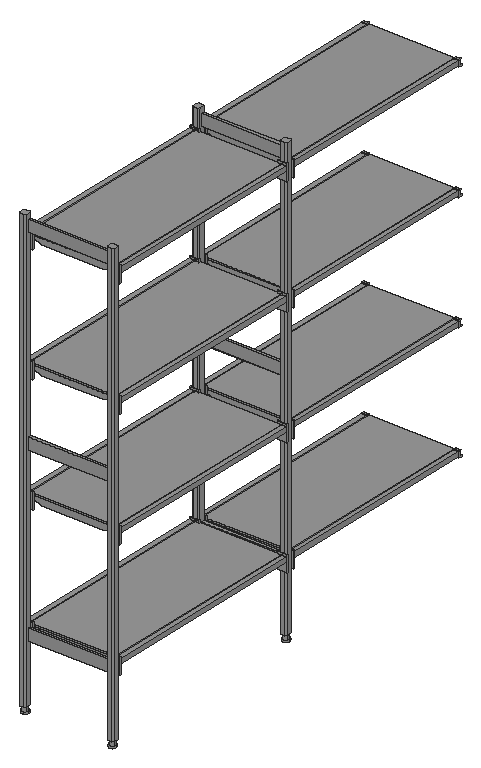
Revit family "QF_ELECTROLUXPROFESSIONAL_137060_ACS1664", category Attrezzature speciali, Revit 2020
Family settings
  Quota connettore circolare = Usa diametro
  Tipo di parte = Normale
  Basato su piano di lavoro = No
  Sempre verticale = Sì
  Taglio con vuoti quando caricato = No
  Condiviso = No
  Punto di calcolo locali = No
Parameters (values of type "Standard")
  Weight = 28.00 kg
  Watts = 0 W
  Volts = 0 V
  URL Manufacturer = "https://www.electroluxprofessional.com/"
  URL = "https://www.electroluxprofessional.com/"
  Steam Supply Size = 0 mm
  Steam Supply Minimum Pressure = 0.0 Pa
  Steam Supply Maximum Pressure = 0.0 Pa
  Steam Consumption per Hour = 0
  Refrigeration Suction Line Size = 0.0 mm
  Refrigeration Liquid Line Size = 0.0 mm
  Refrigerant Compressor Remote = yes
  Prospetto di default = 0.0 mm
  Phase = 0
  Modello = "ACS1664"
  Produttore = "Electrolux Professional"
  Length Actual = 1668.0 mm  # constant formula
  Item Number = "137060"
  Hot Water Size = 0 mm
  Height Actual = 1700.0 mm  # constant formula
  HP = "0 HP"
  Gas Size = 0 mm
  Gas KW = 0
  Gas Input Pressure = 0 W
  Direct Waste Size = 0 mm
  Descrizione = "ALUM.CORNER SHELV.-POLY.TIERS-373X1668MM"
  Depth Actual = 373.0 mm  # constant formula
  Cycle = 0 Hz
  Condensate Return Size = 0 mm
  Compressed Air Volume = 0.0 L/s
  Compressed Air Size = 0 mm
  Compressed Air Pressure = 0.0 Pa
  Cold Water Size = 0 mm
  Accessory = yes
Reference planes
  plane 1: z = 0
  plane 2 "CenterLeft": y = -535.5
  plane 3 "FRONT": y = -921.5
  plane 4 "LEFT": x = 192.5
  plane 5 "RIGHT": x = 565.5
  plane 6 "TOP": z = 1700
  plane 7: y = -889.5
  plane 8: y = -91.5
  plane 9 "Center (Left/Back)": x = 379
  plane 10: x = 205
  plane 11: x = 515
  plane 12 "FEET": z = 25
  plane 13: z = 275
  plane 14: z = 725
  plane 15: z = 1175
  plane 16: z = 1625
  plane 17 "CXLeft": y = -907.5
  plane 18 "Center (Front/Back)": y = -73.5
  plane 19 "CYFront": x = 510
  plane 20: y = 742.5
  plane 21: y = -55.5
  plane 22 "BACK": y = 746.5
  plane 23 "LEFT_ORIGIN": x = 158.5
  plane 24 "BACK_ORIGIN": y = 1119.5
Forms (mm)
  Extrusion 1, solid, material "QF_Aluminum"
    sketch origin (38.022, -921.5, -4.006) x (-1, 0, 0) y (0, 0, 1)
      loop
        line (-189.5, 1637.003) -> (-173.5, 1637.003) -> (-173.5, 1655) -> (-175.493, 1655) -> (-175.493, 1648.501) -> (-506.5, 1648.501) -> (-506.5, 1655) -> (-508.5, 1655) -> (-508.5, 1637.003) -> (-492.5, 1637.003) -> (-458.5, 1625) -> (-223.5, 1625) -> (-189.5, 1637.003)
      loop
        line (-189.5, 1187.003) -> (-173.5, 1187.003) -> (-173.5, 1205) -> (-175.493, 1205) -> (-175.493, 1198.501) -> (-506.5, 1198.501) -> (-506.5, 1205) -> (-508.5, 1205) -> (-508.5, 1187.003) -> (-492.5, 1187.003) -> (-458.5, 1175) -> (-223.5, 1175) -> (-189.5, 1187.003)
      loop
        line (-189.5, 737.003) -> (-173.5, 737.003) -> (-173.5, 755) -> (-175.493, 755) -> (-175.493, 748.501) -> (-506.5, 748.501) -> (-506.5, 755) -> (-508.5, 755) -> (-508.5, 737.003) -> (-492.5, 737.003) -> (-458.5, 725) -> (-223.5, 725) -> (-189.5, 737.003)
      loop
        line (-189.5, 287.003) -> (-173.5, 287.003) -> (-173.5, 305) -> (-175.493, 305) -> (-175.493, 298.501) -> (-506.5, 298.501) -> (-506.5, 305) -> (-508.5, 305) -> (-508.5, 287.003) -> (-492.5, 287.003) -> (-458.5, 275) -> (-223.5, 275) -> (-189.5, 287.003)
    from 37 to 32
  Extrusion 2, solid, material "QF_Aluminum"
    sketch origin (38.022, -921.5, 0) x (-1, 0, 0) y (0, 0, 1)
      loop
        line (-154.478, 246.005) -> (-154.478, 307.993) -> (-190.471, 307.993) -> (-190.471, 246.005) -> (-154.478, 246.005)
      loop
        line (-527.478, 246.005) -> (-491.484, 246.005) -> (-491.484, 307.993) -> (-527.478, 307.993) -> (-527.478, 246.005)
      loop
        line (-154.478, 696.005) -> (-154.478, 757.993) -> (-190.471, 757.993) -> (-190.471, 696.005) -> (-154.478, 696.005)
      loop
        line (-527.478, 696.005) -> (-491.484, 696.005) -> (-491.484, 757.993) -> (-527.478, 757.993) -> (-527.478, 696.005)
      loop
        line (-154.478, 1146.005) -> (-154.478, 1207.993) -> (-190.471, 1207.993) -> (-190.471, 1146.005) -> (-154.478, 1146.005)
      loop
        line (-527.478, 1146.005) -> (-491.484, 1146.005) -> (-491.484, 1207.993) -> (-527.478, 1207.993) -> (-527.478, 1146.005)
      loop
        line (-154.478, 1596.005) -> (-154.478, 1657.993) -> (-190.471, 1657.993) -> (-190.471, 1596.005) -> (-154.478, 1596.005)
      loop
        line (-527.478, 1596.005) -> (-491.484, 1596.005) -> (-491.484, 1657.993) -> (-527.478, 1657.993) -> (-527.478, 1596.005)
    from 28 to 32
  Extrusion 3, solid, material "QF_Aluminum"
    sketch origin (38.022, -921.5, 0) x (-1, 0, 0) y (0, 0, 1)
      loop
        line (-154.5, 1650.994) -> (-173.5, 1650.994) -> (-173.5, 1632.998) -> (-154.5, 1632.998) -> (-154.5, 1650.994)
      loop
        line (-154.5, 1200.994) -> (-173.5, 1200.994) -> (-173.5, 1182.998) -> (-154.5, 1182.998) -> (-154.5, 1200.994)
      loop
        line (-154.5, 750.994) -> (-173.5, 750.994) -> (-173.5, 732.998) -> (-154.5, 732.998) -> (-154.5, 750.994)
      loop
        line (-154.5, 300.994) -> (-173.5, 300.994) -> (-173.5, 282.998) -> (-154.5, 282.998) -> (-154.5, 300.994)
      loop
        line (-527.455, 1650.994) -> (-527.455, 1632.998) -> (-508.455, 1632.998) -> (-508.455, 1650.994) -> (-527.455, 1650.994)
      loop
        line (-527.455, 1200.994) -> (-527.455, 1182.998) -> (-508.455, 1182.998) -> (-508.455, 1200.994) -> (-527.455, 1200.994)
      loop
        line (-527.455, 750.994) -> (-527.455, 732.998) -> (-508.455, 732.998) -> (-508.455, 750.994) -> (-527.455, 750.994)
      loop
        line (-527.455, 300.994) -> (-527.455, 282.998) -> (-508.455, 282.998) -> (-508.455, 300.994) -> (-527.455, 300.994)
    from 32 to 830
  Extrusion 4, solid, material "QF_Polyethylene"
    sketch origin (38.022, -921.5, 0) x (-1, 0, 0) y (0, 0, 1)
      loop
        line (-175.493, 1650.994) -> (-506.5, 1650.994) -> (-506.5, 1644.496) -> (-175.493, 1644.496) -> (-175.493, 1650.994)
      loop
        line (-175.493, 1200.994) -> (-506.5, 1200.994) -> (-506.5, 1194.496) -> (-175.493, 1194.496) -> (-175.493, 1200.994)
      loop
        line (-175.493, 750.994) -> (-506.5, 750.994) -> (-506.5, 744.496) -> (-175.493, 744.496) -> (-175.493, 750.994)
      loop
        line (-175.493, 300.994) -> (-506.5, 300.994) -> (-506.5, 294.496) -> (-175.493, 294.496) -> (-175.493, 300.994)
    from 32 to 830
  Extrusion 5, solid, material "QF_Aluminum"
    sketch origin (38.022, 684.5, 0) x (-1, 0, 0) y (0, 0, 1)
      loop
        line (-154.5, 1650.994) -> (-173.5, 1650.994) -> (-173.5, 1632.998) -> (-154.5, 1632.998) -> (-154.5, 1650.994)
      loop
        line (-508.5, 1650.994) -> (-527.455, 1650.994) -> (-527.455, 1632.998) -> (-508.5, 1632.998) -> (-508.5, 1650.994)
      loop
        line (-154.5, 1200.994) -> (-173.5, 1200.994) -> (-173.5, 1182.998) -> (-154.5, 1182.998) -> (-154.5, 1200.994)
      loop
        line (-508.5, 1200.994) -> (-527.455, 1200.994) -> (-527.455, 1182.998) -> (-508.5, 1182.998) -> (-508.5, 1200.994)
      loop
        line (-154.5, 750.994) -> (-173.5, 750.994) -> (-173.5, 732.998) -> (-154.5, 732.998) -> (-154.5, 750.994)
      loop
        line (-508.5, 750.994) -> (-527.455, 750.994) -> (-527.455, 732.998) -> (-508.5, 732.998) -> (-508.5, 750.994)
      loop
        line (-154.5, 300.994) -> (-173.5, 300.994) -> (-173.5, 282.998) -> (-154.5, 282.998) -> (-154.5, 300.994)
      loop
        line (-508.5, 300.994) -> (-527.455, 300.994) -> (-527.455, 282.998) -> (-508.5, 282.998) -> (-508.5, 300.994)
    from 58 to -740
  Extrusion 6, solid, material "QF_Polyethylene"
    sketch origin (38.022, 684.5, 0) x (-1, 0, 0) y (0, 0, 1)
      loop
        line (-175.493, 1650.994) -> (-506.5, 1650.994) -> (-506.5, 1644.496) -> (-175.493, 1644.496) -> (-175.493, 1650.994)
      loop
        line (-175.493, 1200.994) -> (-506.5, 1200.994) -> (-506.5, 1194.496) -> (-175.493, 1194.496) -> (-175.493, 1200.994)
      loop
        line (-175.493, 750.994) -> (-506.5, 750.994) -> (-506.5, 744.496) -> (-175.493, 744.496) -> (-175.493, 750.994)
      loop
        line (-175.493, 300.994) -> (-506.5, 300.994) -> (-506.5, 294.496) -> (-175.493, 294.496) -> (-175.493, 300.994)
    from 58 to -740
Lines and regions (mm)
  symbolic lines
    curve 1: line (205, -912.5, 1700) -> (515, -912.5, 1700)
    curve 2: line (515, -902.5, 1700) -> (205, -902.5, 1700)
    curve 3: line (192.5, -893.5, 1700) -> (192.5, -87.5, 1700)
    curve 4: line (565.5, -889.5, 1700) -> (565.5, -91.5, 1700)
    curve 5: line (192.5, -59.5, 1700) -> (192.5, 746.5, 1700)
    curve 6: line (565.5, -59.5, 1700) -> (565.5, 746.5, 1700)
    curve 7: line (211.522, 742.5, 1700) -> (510.507, 742.5, 1700)
    curve 8: line (211.522, -91.5, 1700) -> (510.507, -91.5, 1700)
    curve 9: line (510.507, -55.5, 1700) -> (211.522, -55.5, 1700)
    curve 10: line (211.522, -889.5, 1700) -> (510.507, -889.5, 1700)
    curve 11: line (211.522, -889.5, 1700) -> (211.522, -91.5, 1700)
    curve 12: line (546.478, -91.5, 1700) -> (546.478, -889.5, 1700)
    curve 13: line (211.522, -55.5, 1700) -> (211.522, 742.5, 1700)
    curve 14: line (546.522, 652.5, 1700) -> (546.522, -145.5, 1700)
Dimensions and locks
  plane 3 "FRONT" to plane 2 "CenterLeft" = 386.0 mm
  locked: plane 6 "TOP" to level at 1700
  locked: plane 7 to plane 8 at 798
  locked: plane 10 to plane 11 at 310
  plane 10 to plane 9 "Center (Left/Back)" to plane 11 = 174.0 mm, 136.0 mm
  equal spacing: plane 4 "LEFT", plane 9 "Center (Left/Back)", plane 5 "RIGHT"
  plane 12 "FEET" to level = 25.0 mm
  plane 6 "TOP" to plane 12 "FEET" = 1675.0 mm
  plane 13 to plane 12 "FEET" = 250.0 mm
  plane 14 to plane 13 = 450.0 mm
  plane 15 to plane 14 = 450.0 mm
  plane 16 to plane 15 = 450.0 mm
  plane 19 "CYFront" to Extrusion 1 sketch curve = 34.522 mm
  locked: plane 21 to plane 20 at 798
  locked: plane 8 to plane 18 "Center (Front/Back)" at 18
  locked: plane 18 "Center (Front/Back)" to plane 21 at 18
  locked: plane 3 "FRONT" to plane 7 at 32
  locked: plane 4 "LEFT" to plane 5 "RIGHT" at 373
  locked: plane 23 "LEFT_ORIGIN" to plane 5 "RIGHT" at 407
  locked: plane 22 "BACK" to plane 24 "BACK_ORIGIN" at 373
  locked: plane 22 "BACK" to plane 3 "FRONT" at 1668
  aligned and locked: level to plane 1
  aligned and locked: Extrusion 1 to plane 7
  aligned and locked: plane 7 to Extrusion 2
  aligned and locked: Extrusion 4 to plane 7
  aligned and locked: plane 8 to Extrusion 4
  aligned and locked: Extrusion 3 to plane 7
  aligned and locked: plane 8 to Extrusion 3
  aligned and locked: Extrusion 1 sketch curve to Extrusion 1 sketch curve  (x3)
  aligned and locked: Extrusion 4 sketch curve to Extrusion 1  (x4)
  aligned and locked: Extrusion 5 sketch curve to Extrusion 5 sketch curve  (x2)
  aligned and locked: Extrusion 5 to plane 21  (x5)
  aligned and locked: Extrusion 6 to plane 21  (x5)
  aligned and locked: nested 2 to plane 18 "Center (Front/Back)"
  aligned and locked: nested 1 to plane 17 "CXLeft"
  aligned and locked: plane 7 to Extrusion 3  (x3)
  aligned and locked: Extrusion 3 to plane 8  (x4)
  aligned and locked: Extrusion 4 to plane 8  (x4)
  aligned and locked: plane 20 to Extrusion 5
  aligned and locked: plane 20 to Extrusion 6
  aligned and locked: Extrusion 5 to plane 20  (x3)
  aligned and locked: Extrusion 6 to plane 20  (x3)
  aligned and locked: plane 9 "Center (Left/Back)" to nested 2
  aligned and locked: nested 3 to plane 22 "BACK"
Automatic sketch dimensions
  curve 1 to plane 10 = 0.0 mm
  curve 1 to plane 11 = 0.0 mm
  curve 2 to plane 10 = 0.0 mm
  curve 2 to plane 11 = 0.0 mm
  curve 3 to plane 4 "LEFT" = 0.0 mm
  plane 7 to curve 10 = 0.0 mm
  curve 4 to plane 5 "RIGHT" = 0.0 mm
  plane 7 to curve 4 = 0.0 mm
  plane 8 to curve 8 = 0.0 mm
  plane 8 to curve 4 = 0.0 mm
  curve 6 to plane 5 "RIGHT" = 0.0 mm
  curve 5 to plane 4 "LEFT" = 0.0 mm
  curve 9 to plane 21 = 0.0 mm
  plane 20 to curve 7 = 0.0 mm
  plane 7 to curve 3 = 4.0 mm
  plane 17 "CXLeft" to curve 2 = 5.0 mm
  curve 1 to plane 17 "CXLeft" = 5.0 mm
  curve 3 to plane 8 = 4.0 mm
  curve 6 to plane 21 = 4.0 mm
  curve 5 to plane 21 = 4.0 mm
  curve 6 to plane 20 = 4.0 mm
  curve 5 to plane 20 = 4.0 mm
  plane 11 to curve 10 = 4.493 mm
  plane 11 to curve 9 = 4.493 mm
  plane 11 to curve 8 = 4.493 mm
  plane 11 to curve 7 = 4.493 mm
  curve 8 to plane 10 = 6.522 mm
  curve 7 to plane 10 = 6.522 mm
  Extrusion 1 sketch curve to plane 19 "CYFront" = 36.522 mm  (x4)
  Extrusion 1 sketch curve to plane 11 = 15.522 mm  (x4)
  Extrusion 1 sketch curve to plane 13 = 4.006 mm
  Extrusion 1 sketch curve to Extrusion 1 sketch curve = 34.0 mm  (x4)
  Extrusion 1 sketch curve to plane 14 = 4.006 mm
  Extrusion 1 sketch curve to plane 15 = 4.006 mm
  Extrusion 1 sketch curve to plane 16 = 4.006 mm
  Extrusion 1 sketch curve to plane 10 = 56.522 mm  (x4)
  Extrusion 1 sketch curve to plane 10 = 22.522 mm  (x4)
  plane 13 to Extrusion 1 sketch curve = 7.998 mm  (x2)
  Extrusion 1 sketch curve to Extrusion 1 sketch curve = 11.498 mm  (x4)
  Extrusion 1 sketch curve to Extrusion 1 sketch curve = 6.499 mm  (x8)
  plane 14 to Extrusion 1 sketch curve = 7.998 mm  (x2)
  plane 15 to Extrusion 1 sketch curve = 7.998 mm  (x2)
  plane 16 to Extrusion 1 sketch curve = 7.998 mm  (x2)
  Extrusion 2 sketch curve to plane 5 "RIGHT" = 0.0 mm  (x4)
  Extrusion 2 sketch curve to plane 4 "LEFT" = 0.0 mm  (x4)
  Extrusion 2 sketch curve to plane 11 = 14.507 mm  (x4)
  Extrusion 2 sketch curve to plane 10 = 23.493 mm  (x4)
  Extrusion 2 sketch curve to plane 13 = 28.995 mm  (x2)
  plane 13 to Extrusion 2 sketch curve = 32.993 mm  (x2)
  Extrusion 2 sketch curve to plane 14 = 28.995 mm  (x2)
  plane 14 to Extrusion 2 sketch curve = 32.993 mm  (x2)
  Extrusion 2 sketch curve to plane 15 = 28.995 mm  (x2)
  plane 15 to Extrusion 2 sketch curve = 32.993 mm  (x2)
  Extrusion 2 sketch curve to plane 16 = 28.995 mm  (x2)
  plane 16 to Extrusion 2 sketch curve = 32.993 mm  (x2)
  plane 13 to Extrusion 4 sketch curve = 19.496 mm
  Extrusion 4 sketch curve to Extrusion 4 sketch curve = 6.499 mm  (x4)
  plane 14 to Extrusion 4 sketch curve = 19.496 mm
  plane 15 to Extrusion 4 sketch curve = 19.496 mm
  plane 16 to Extrusion 4 sketch curve = 19.496 mm
  plane 5 "RIGHT" to Extrusion 5 sketch curve = 0.022 mm  (x4)
  Extrusion 5 sketch curve to plane 4 "LEFT" = 19.022 mm  (x4)
  Extrusion 5 sketch curve to plane 19 "CYFront" = 36.522 mm  (x2)
  plane 13 to Extrusion 5 sketch curve = 7.998 mm  (x2)
  Extrusion 5 sketch curve to Extrusion 5 sketch curve = 17.997 mm  (x8)
  plane 14 to Extrusion 5 sketch curve = 7.998 mm  (x2)
  plane 15 to Extrusion 5 sketch curve = 7.998 mm  (x2)
  plane 16 to Extrusion 5 sketch curve = 7.998 mm  (x2)
  Extrusion 6 sketch curve to plane 19 "CYFront" = 34.522 mm  (x4)
  plane 13 to Extrusion 6 sketch curve = 19.496 mm
  Extrusion 6 sketch curve to Extrusion 6 sketch curve = 6.499 mm  (x4)
  plane 14 to Extrusion 6 sketch curve = 19.496 mm
  plane 15 to Extrusion 6 sketch curve = 19.496 mm
  plane 16 to Extrusion 6 sketch curve = 19.496 mm
  plane 5 "RIGHT" to Extrusion 3 sketch curve = 0.022 mm  (x4)
  Extrusion 3 sketch curve to Extrusion 3 sketch curve = 19.0 mm  (x4)
  plane 14 to Extrusion 3 sketch curve = 7.998 mm  (x2)
  Extrusion 3 sketch curve to plane 10 = 6.522 mm  (x4)
  Extrusion 3 sketch curve to plane 4 "LEFT" = 0.022 mm  (x4)
  plane 13 to Extrusion 3 sketch curve = 25.994 mm  (x2)
  plane 13 to Extrusion 3 sketch curve = 7.998 mm  (x2)
  Extrusion 3 sketch curve to Extrusion 3 sketch curve = 17.997 mm  (x6)
  plane 15 to Extrusion 3 sketch curve = 7.998 mm  (x2)
  plane 16 to Extrusion 3 sketch curve = 7.998 mm  (x2)
  plane 7 to curve 12 = 0.0 mm
  plane 8 to curve 12 = 0.0 mm
  curve 4 to curve 12 = 19.022 mm
  Extrusion 1 sketch curve to plane 10 = 8.516 mm  (x4)
  Extrusion 1 sketch curve to plane 10 = 6.522 mm  (x2)
  Extrusion 1 sketch curve to Extrusion 1 sketch curve = 1.993 mm  (x2)
  Extrusion 4 sketch curve to plane 10 = 8.516 mm  (x4)
  Extrusion 5 sketch curve to plane 4 "LEFT" = 0.022 mm  (x4)
  Extrusion 6 sketch curve to plane 10 = 8.516 mm  (x4)
Nested families
  nested 1: "WT_Anta373" at (215.5, -504.5, 0) x (0, 1, 0) z (0, 0, 1), type "WT_Anta373"
  nested 2: "WT_Anta373Center" at (215.5, 329.5, 0) x (0, 1, 0) z (0, 0, 1), type "WT_Anta373Center"
  nested 3: "WT_Aggancio373" at (215.5, 1154.5, 0) x (0, 1, 0) z (0, 0, 1), type "WT_Aggancio373"
Definition of nested family "WT_Anta373"
  Parameters
    WidthLeft = A + 64.0 mm  # 772.0 mm
    Width = 1606.0 mm
    Right = WidthLeft / 2  # 386.0 mm
    Default Elevation = 0.0 mm
    Left = -WidthLeft / 2  # -386.0 mm
    Height = 1725.0 mm
    FEET = 25.0 mm
    E = 0.0 mm
    Dint = Depth - 63.0 mm  # 310.0 mm
    Dext = Depth - 8.0 mm  # 365.0 mm
    Depth = 373.0 mm
    DX = (WidthLeft - A) / 2  # 32.0 mm
    B = 798.0 mm
    A = 708.0 mm
  Reference planes
    plane 1: z = 0
    plane 2 "LEFT": x = -417
    plane 3 "BACK": y = 23
    plane 4 "FRONT": y = -350
    plane 5 "TOP": z = 1725
    plane 6 "Center (Front/Back)": y = -163.5
    plane 7: y = -8.5
    plane 8: y = -318.5
    plane 9 "FEET": z = 25
    plane 10: z = 275
    plane 11: z = 725
    plane 12: z = 1175
    plane 13: z = 1625
    plane 14 "CXLeft": x = -403
    plane 15: y = 5.5
    plane 16 "CYBack": y = 5.5
    plane 17 "CYFront": y = -332.5
    plane 18: x = -385.031
    plane 19: x = -380.031
  Forms (mm)
    Extrusion 1, solid
      sketch origin (0, 0, 0) x (1, 0, 0) y (0, 1, 0)
        loop
          line (-417, 13.246) -> (-417, -2.246) -> (-410.746, -8.5) -> (-395.254, -8.5) -> (-389, -2.246) -> (-389, 13.246) -> (-395.254, 19.5) -> (-410.746, 19.5) -> (-417, 13.246)
      from 1725 to 25
    Extrusion 2, solid
      sketch origin (-417, 0, 0) x (0, 1, 0) y (0, 0, 1)
        loop
          line (23, 246.005) -> (23, 307.993) -> (-12.993, 307.993) -> (-12.993, 246.005) -> (23, 246.005)
        loop
          line (-350, 246.005) -> (-314.007, 246.005) -> (-314.007, 307.993) -> (-350, 307.993) -> (-350, 246.005)
        loop
          line (23, 696.005) -> (23, 757.993) -> (-12.993, 757.993) -> (-12.993, 696.005) -> (23, 696.005)
        loop
          line (-350, 696.005) -> (-314.007, 696.005) -> (-314.007, 757.993) -> (-350, 757.993) -> (-350, 696.005)
        loop
          line (23, 1146.005) -> (23, 1207.993) -> (-12.993, 1207.993) -> (-12.993, 1146.005) -> (23, 1146.005)
        loop
          line (-350, 1146.005) -> (-314.007, 1146.005) -> (-314.007, 1207.993) -> (-350, 1207.993) -> (-350, 1146.005)
        loop
          line (23, 1596.005) -> (23, 1657.993) -> (-12.993, 1657.993) -> (-12.993, 1596.005) -> (23, 1596.005)
        loop
          line (-350, 1596.005) -> (-314.007, 1596.005) -> (-314.007, 1657.993) -> (-350, 1657.993) -> (-350, 1596.005)
      from 28 to 32
    Revolve 3, solid
      sketch origin (-403, 0, 0) x (0, 1, 0) y (0, 0, 1)
        loop
          line (5.5, 25) -> (5.5, 0) -> (19, 0) -> (19, 5) -> (14, 5) -> (14, 25) -> (5.5, 25)
        axis (5.5, 25) -> (5.5, 0)
      angle from 0 to 360
    Extrusion 4, solid
      sketch origin (-403, 0, 0) x (0, 1, 0) y (0, 0, 1)
        loop
          line (-8.5, 912.382) -> (-8.5, 957.374) -> (-318.5, 957.374) -> (-318.5, 912.382) -> (-8.5, 912.382)
        loop
          line (-8.5, 1662.244) -> (-8.5, 1707.236) -> (-318.5, 1707.236) -> (-318.5, 1662.244) -> (-8.5, 1662.244)
      from -5 to 5
    Revolve 5, solid
      sketch origin (-403, -627, 0) x (0, -1, 0) y (0, 0, 1)
        loop
          line (-294.5, 25) -> (-294.5, 0) -> (-281, 0) -> (-281, 5) -> (-286, 5) -> (-286, 25) -> (-294.5, 25)
        axis (-294.5, 25) -> (-294.5, 0)
      angle from 0 to 360
    Extrusion 6, solid
      sketch origin (0, -627, 0) x (1, 0, 0) y (0, 1, 0)
        loop
          line (-417, 286.754) -> (-410.746, 280.5) -> (-395.254, 280.5) -> (-389, 286.754) -> (-389, 302.246) -> (-395.254, 308.5) -> (-410.746, 308.5) -> (-417, 302.246) -> (-417, 286.754)
      from 1725 to 25
    Extrusion 7, solid
      sketch origin (-417.031, -0.022, 0) x (0, 1, 0) y (0, 0, -1)
        loop
          line (-12, -1632.998) -> (-46, -1620.994) -> (-281, -1620.994) -> (-315, -1632.998) -> (-331, -1632.998) -> (-331, -1650.994) -> (-329, -1650.994) -> (-329, -1644.496) -> (2.007, -1644.496) -> (2.007, -1650.994) -> (4, -1650.994) -> (4, -1632.998) -> (-12, -1632.998)
        loop
          line (-12, -1182.998) -> (-46, -1170.994) -> (-281, -1170.994) -> (-315, -1182.998) -> (-331, -1182.998) -> (-331, -1200.994) -> (-329, -1200.994) -> (-329, -1194.496) -> (2.007, -1194.496) -> (2.007, -1200.994) -> (4, -1200.994) -> (4, -1182.998) -> (-12, -1182.998)
        loop
          line (-12, -732.998) -> (-46, -720.994) -> (-281, -720.994) -> (-315, -732.998) -> (-331, -732.998) -> (-331, -750.994) -> (-329, -750.994) -> (-329, -744.496) -> (2.007, -744.496) -> (2.007, -750.994) -> (4, -750.994) -> (4, -732.998) -> (-12, -732.998)
        loop
          line (-12, -282.998) -> (-46, -270.994) -> (-281, -270.994) -> (-315, -282.998) -> (-331, -282.998) -> (-331, -300.994) -> (-329, -300.994) -> (-329, -294.496) -> (2.007, -294.496) -> (2.007, -300.994) -> (4, -300.994) -> (4, -282.998) -> (-12, -282.998)
      from -32 to -37
    Extrusion 8, solid
      sketch origin (-403, 0, -659.878) x (0, 1, 0) y (0, 0, 1)
        loop
          line (-8.5, 912.382) -> (-8.5, 957.374) -> (-318.5, 957.374) -> (-318.5, 912.382) -> (-8.5, 912.382)
        loop
          line (-8.5, 1572.382) -> (-8.5, 1617.374) -> (-318.5, 1617.374) -> (-318.5, 1572.382) -> (-8.5, 1572.382)
        loop
          line (-8.5, 2322.382) -> (-8.5, 2367.374) -> (-318.5, 2367.374) -> (-318.5, 2322.382) -> (-8.5, 2322.382)
      from -5 to 5
  Lines and regions (mm)
    symbolic lines
      curve 1: line (-408, -8.5, 1725) -> (-408, -318.5, 1725)
      curve 2: line (-398, -318.5, 1725) -> (-398, -8.5, 1725)
      curve 3: line (-395.254, -8.5, 1725) -> (-410.746, -8.5, 1725)
      curve 4: line (-417, -2.246, 1725) -> (-410.746, -8.5, 1725)
      curve 5: line (-417, 13.246, 1725) -> (-417, -2.246, 1725)
      curve 6: line (-410.746, 19.5, 1725) -> (-417, 13.246, 1725)
      curve 7: line (-395.254, 19.5, 1725) -> (-410.746, 19.5, 1725)
      curve 8: line (-389, 13.246, 1725) -> (-395.254, 19.5, 1725)
      curve 9: line (-395.254, -8.5, 1725) -> (-389, -2.246, 1725)
      curve 10: line (-395.254, -318.5, 1725) -> (-410.746, -318.5, 1725)
      curve 11: line (-417, -324.754, 1725) -> (-410.746, -318.5, 1725)
      curve 12: line (-410.746, -346.5, 1725) -> (-417, -340.246, 1725)
      curve 13: line (-395.254, -346.5, 1725) -> (-410.746, -346.5, 1725)
      curve 14: line (-389, -340.246, 1725) -> (-395.254, -346.5, 1725)
      curve 15: line (-395.254, -318.5, 1725) -> (-389, -324.754, 1725)
      curve 16: line (-389, -350, 1725) -> (-389, -314.007, 1725)
      curve 17: line (-389, -314.007, 1725) -> (-385, -314.007, 1725)
      curve 18: line (-389, 23, 1725) -> (-389, -12.993, 1725)
      curve 19: line (-389, -12.993, 1725) -> (-385, -12.993, 1725)
      curve 20: line (-417, -324.754, 1725) -> (-417, -340.246, 1725)
      curve 21: line (-385, -350, 1725) -> (-385, -314.007, 1725)
      curve 22: line (-385, -350, 1725) -> (-389, -350, 1725)
      curve 23: line (-385, 23, 1725) -> (-389, 23, 1725)
      curve 24: line (-385, -12.993, 1725) -> (-385, 23, 1725)
      curve 25: line (-385.031, -13.016, 1725) -> (-385.031, -314.029, 1725)
  Dimensions and locks
    "Height": plane 5 "TOP" to level
    "Depth": plane 3 "BACK" to plane 4 "FRONT"
    "Dint": plane 7 to plane 8
    equal spacing: plane 7, plane 6 "Center (Front/Back)", plane 8
    equal spacing: plane 3 "BACK", plane 6 "Center (Front/Back)", plane 4 "FRONT"
    plane 9 "FEET" to level = 25.0 mm
    plane 5 "TOP" to plane 9 "FEET" = 1700.0 mm
    plane 10 to plane 9 "FEET" = 250.0 mm
    plane 11 to plane 10 = 450.0 mm
    plane 12 to plane 11 = 450.0 mm
    plane 13 to plane 12 = 450.0 mm
    locked: plane 2 "LEFT" to plane 14 "CXLeft" at 14
    locked: plane 3 "BACK" to plane 16 "CYBack" at 17.5
    locked: plane 17 "CYFront" to plane 4 "FRONT" at 17.5
    locked: Revolve 3 sketch curve to Revolve 3 sketch curve at 8.5
    locked: Revolve 3 sketch curve to plane 16 "CYBack" at 13.5
    locked: Revolve 5 sketch curve to Revolve 5 sketch curve at 8.5
    aligned and locked: level to plane 1
    aligned and locked: curve 20 to Extrusion 6
    aligned and locked: plane 5 "TOP" to Extrusion 1
    aligned and locked: plane 5 "TOP" to Extrusion 6
    aligned and locked: Extrusion 7 sketch curve to Extrusion 7 sketch curve  (x3)
  Automatic sketch dimensions
    curve 16 to plane 4 "FRONT" = 0.0 mm
    curve 11 to plane 8 = 0.0 mm
    curve 9 to plane 7 = 0.0 mm
    curve 5 to plane 2 "LEFT" = 0.0 mm
    curve 23 to plane 3 "BACK" = 0.0 mm
    plane 4 "FRONT" to curve 13 = 3.5 mm
    curve 20 to plane 17 "CYFront" = 7.746 mm
    curve 20 to plane 8 = 6.254 mm
    plane 8 to curve 16 = 4.493 mm
    curve 24 to plane 18 = 0.031 mm
    curve 24 to plane 7 = 4.493 mm
    plane 7 to curve 5 = 6.254 mm
    curve 5 to plane 15 = 7.746 mm
    curve 6 to plane 3 "BACK" = 3.5 mm
    curve 21 to plane 18 = 0.031 mm
    plane 18 to curve 23 = 3.969 mm
    plane 18 to curve 16 = 3.969 mm
    curve 18 to curve 8 = 6.254 mm
    curve 18 to curve 3 = 6.254 mm
    curve 16 to curve 13 = 6.254 mm
    curve 16 to curve 15 = 6.254 mm
    plane 2 "LEFT" to curve 10 = 6.254 mm
    plane 2 "LEFT" to curve 7 = 6.254 mm
    plane 2 "LEFT" to curve 12 = 6.254 mm
    plane 2 "LEFT" to curve 3 = 6.254 mm
    curve 14 to plane 17 "CYFront" = 7.746 mm
    curve 15 to plane 8 = 6.254 mm
    plane 7 to curve 9 = 6.254 mm
    curve 8 to plane 15 = 7.746 mm
    curve 3 to curve 2 = 2.746 mm
    curve 1 to curve 10 = 2.746 mm
    Extrusion 1 sketch curve to plane 2 "LEFT" = 0.0 mm
    Extrusion 1 sketch curve to plane 7 = 0.0 mm
    plane 2 "LEFT" to Extrusion 1 sketch curve = 6.254 mm  (x2)
    plane 14 "CXLeft" to Extrusion 1 sketch curve = 7.746 mm  (x2)
    Extrusion 1 sketch curve to plane 3 "BACK" = 3.5 mm
    plane 18 to Extrusion 1 sketch curve = 3.969 mm
    plane 7 to Extrusion 1 sketch curve = 6.254 mm  (x2)
    Extrusion 1 sketch curve to plane 15 = 7.746 mm  (x2)
    Extrusion 2 sketch curve to plane 4 "FRONT" = 0.0 mm  (x4)
    Extrusion 2 sketch curve to plane 3 "BACK" = 0.0 mm  (x4)
    plane 8 to Extrusion 2 sketch curve = 4.493 mm  (x4)
    Extrusion 2 sketch curve to plane 7 = 4.493 mm  (x4)
    Extrusion 2 sketch curve to plane 10 = 28.995 mm  (x2)
    plane 10 to Extrusion 2 sketch curve = 32.993 mm  (x2)
    Extrusion 2 sketch curve to plane 11 = 28.995 mm  (x2)
    plane 11 to Extrusion 2 sketch curve = 32.993 mm  (x2)
    Extrusion 2 sketch curve to plane 12 = 28.995 mm  (x2)
    plane 12 to Extrusion 2 sketch curve = 32.993 mm  (x2)
    Extrusion 2 sketch curve to plane 13 = 28.995 mm  (x2)
    plane 13 to Extrusion 2 sketch curve = 32.993 mm  (x2)
    Revolve 3 sketch curve to plane 9 "FEET" = 0.0 mm  (x2)
    Revolve 3 sketch curve to plane 15 = 0.0 mm  (x2)
    Revolve 3 sketch curve to level = 0.0 mm
    level to Revolve 3 sketch curve = 5.0 mm
    Revolve 3 sketch curve to Revolve 3 sketch curve = 11.655 mm
    Extrusion 4 sketch curve to plane 8 = 0.0 mm  (x2)
    Extrusion 4 sketch curve to plane 7 = 0.0 mm  (x2)
    plane 11 to Extrusion 4 sketch curve = 187.382 mm
    Extrusion 4 sketch curve to Extrusion 4 sketch curve = 44.992 mm
    plane 13 to Extrusion 4 sketch curve = 37.244 mm
    Extrusion 4 sketch curve to plane 5 "TOP" = 17.764 mm
    Revolve 5 sketch curve to plane 9 "FEET" = 0.0 mm  (x2)
    Revolve 5 sketch curve to plane 17 "CYFront" = 0.0 mm  (x2)
    Revolve 5 sketch curve to level = 0.0 mm
    Revolve 5 sketch curve to plane 4 "FRONT" = 4.0 mm
    Revolve 5 sketch curve to Revolve 5 sketch curve = 5.0 mm
    level to Revolve 5 sketch curve = 11.655 mm
    Extrusion 6 sketch curve to plane 2 "LEFT" = 0.0 mm
    Extrusion 6 sketch curve to plane 8 = 0.0 mm
    Extrusion 6 sketch curve to plane 2 "LEFT" = 6.254 mm  (x2)
    Extrusion 6 sketch curve to plane 14 "CXLeft" = 7.746 mm  (x2)
    Extrusion 6 sketch curve to plane 4 "FRONT" = 3.5 mm
    Extrusion 6 sketch curve to plane 18 = 3.969 mm
    plane 8 to Extrusion 6 sketch curve = 6.254 mm  (x2)
    plane 17 "CYFront" to Extrusion 6 sketch curve = 7.746 mm  (x2)
    plane 17 "CYFront" to Extrusion 7 sketch curve = 1.478 mm  (x4)
    Extrusion 7 sketch curve to Extrusion 7 sketch curve = 2.0 mm
    plane 8 to Extrusion 7 sketch curve = 3.478 mm  (x4)
    Extrusion 7 sketch curve to plane 10 = 4.006 mm
    Extrusion 7 sketch curve to Extrusion 7 sketch curve = 34.0 mm  (x4)
    Extrusion 7 sketch curve to plane 11 = 4.006 mm
    Extrusion 7 sketch curve to plane 12 = 4.006 mm
    Extrusion 7 sketch curve to plane 13 = 4.006 mm
    Extrusion 7 sketch curve to plane 7 = 37.522 mm  (x4)
    Extrusion 7 sketch curve to plane 7 = 3.522 mm  (x4)
    plane 15 to Extrusion 7 sketch curve = 3.516 mm  (x4)
    plane 15 to Extrusion 7 sketch curve = 1.522 mm  (x4)
    plane 13 to Extrusion 7 sketch curve = 7.998 mm  (x2)
    Extrusion 7 sketch curve to Extrusion 7 sketch curve = 11.498 mm
    Extrusion 7 sketch curve to Extrusion 7 sketch curve = 6.499 mm  (x5)
    plane 12 to Extrusion 7 sketch curve = 25.994 mm  (x2)
    plane 12 to Extrusion 7 sketch curve = 7.998 mm  (x2)
    plane 11 to Extrusion 7 sketch curve = 25.994 mm  (x2)
    plane 11 to Extrusion 7 sketch curve = 7.998 mm  (x2)
    plane 10 to Extrusion 7 sketch curve = 25.994 mm  (x2)
    plane 10 to Extrusion 7 sketch curve = 7.998 mm  (x2)
    curve 25 to plane 18 = 0.0 mm
    plane 8 to curve 25 = 4.471 mm
    curve 25 to plane 7 = 4.516 mm
    Extrusion 8 sketch curve to plane 8 = 0.0 mm  (x3)
    Extrusion 8 sketch curve to plane 7 = 0.0 mm  (x3)
    Extrusion 8 sketch curve to plane 10 = 22.496 mm
    plane 10 to Extrusion 8 sketch curve = 22.496 mm
    plane 11 to Extrusion 8 sketch curve = 187.504 mm
    Extrusion 8 sketch curve to Extrusion 8 sketch curve = 44.992 mm
    plane 13 to Extrusion 8 sketch curve = 37.504 mm
    Extrusion 8 sketch curve to plane 5 "TOP" = 17.504 mm
Definition of nested family "WT_Anta373Center"
  Parameters
    WidthLeft = A + 64.0 mm  # 772.0 mm
    Width = 1606.0 mm
    Right = WidthLeft / 2  # 386.0 mm
    Default Elevation = 0.0 mm
    Left = -WidthLeft / 2  # -386.0 mm
    Height = 1725.0 mm
    FEET = 25.0 mm
    E = 0.0 mm
    Dint = Depth - 63.0 mm  # 310.0 mm
    Dext = Depth - 8.0 mm  # 365.0 mm
    Depth = 373.0 mm
    DX = (WidthLeft - A) / 2  # 32.0 mm
    B = 798.0 mm
    A = 708.0 mm
  Reference planes
    plane 1: z = 0
    plane 2 "L": x = -417
    plane 3 "BACK": y = 23
    plane 4 "FRONT": y = -350
    plane 5 "TOP": z = 1725
    plane 6 "Center (Front/Back)": y = -163.5
    plane 7: y = -8.5
    plane 8: y = -318.5
    plane 9 "FEET": z = 25
    plane 10: z = 275
    plane 11: z = 725
    plane 12: z = 1175
    plane 13: z = 1625
    plane 14 "CXLeft": x = -403
    plane 15: y = 5.5
    plane 16 "CYBack": y = 5.5
    plane 17 "CYFront": y = -332.5
    plane 18: x = -385.031
    plane 19 "RIGHT": x = -380.031
    plane 20: x = -420.969
    plane 21 "LEFT": x = -425.969
  Forms (mm)
    Extrusion 1, solid
      sketch origin (0, 0, 0) x (1, 0, 0) y (0, 1, 0)
        loop
          line (-417, 13.246) -> (-417, -2.246) -> (-410.746, -8.5) -> (-395.254, -8.5) -> (-389, -2.246) -> (-389, 13.246) -> (-395.254, 19.5) -> (-410.746, 19.5) -> (-417, 13.246)
      from 1725 to 25
    Extrusion 2, solid
      sketch origin (-417, 0, 0) x (0, 1, 0) y (0, 0, 1)
        loop
          line (23, 246.005) -> (23, 307.993) -> (-12.993, 307.993) -> (-12.993, 246.005) -> (23, 246.005)
        loop
          line (-350, 246.005) -> (-314.007, 246.005) -> (-314.007, 307.993) -> (-350, 307.993) -> (-350, 246.005)
        loop
          line (23, 696.005) -> (23, 757.993) -> (-12.993, 757.993) -> (-12.993, 696.005) -> (23, 696.005)
        loop
          line (-350, 696.005) -> (-314.007, 696.005) -> (-314.007, 757.993) -> (-350, 757.993) -> (-350, 696.005)
        loop
          line (23, 1146.005) -> (23, 1207.993) -> (-12.993, 1207.993) -> (-12.993, 1146.005) -> (23, 1146.005)
        loop
          line (-350, 1146.005) -> (-314.007, 1146.005) -> (-314.007, 1207.993) -> (-350, 1207.993) -> (-350, 1146.005)
        loop
          line (23, 1596.005) -> (23, 1657.993) -> (-12.993, 1657.993) -> (-12.993, 1596.005) -> (23, 1596.005)
        loop
          line (-350, 1596.005) -> (-314.007, 1596.005) -> (-314.007, 1657.993) -> (-350, 1657.993) -> (-350, 1596.005)
      from 28 to 32
    Revolve 3, solid
      sketch origin (-403, 0, 0) x (0, 1, 0) y (0, 0, 1)
        loop
          line (5.5, 25) -> (5.5, 0) -> (19, 0) -> (19, 5) -> (14, 5) -> (14, 25) -> (5.5, 25)
        axis (5.5, 25) -> (5.5, 0)
      angle from 0 to 360
    Extrusion 4, solid
      sketch origin (-403, 0, 0) x (0, 1, 0) y (0, 0, 1)
        loop
          line (-8.5, 912.382) -> (-8.5, 957.374) -> (-318.5, 957.374) -> (-318.5, 912.382) -> (-8.5, 912.382)
        loop
          line (-8.5, 1662.244) -> (-8.5, 1707.236) -> (-318.5, 1707.236) -> (-318.5, 1662.244) -> (-8.5, 1662.244)
      from -5 to 5
    Revolve 5, solid
      sketch origin (-403, -627, 0) x (0, -1, 0) y (0, 0, 1)
        loop
          line (-294.5, 25) -> (-294.5, 0) -> (-281, 0) -> (-281, 5) -> (-286, 5) -> (-286, 25) -> (-294.5, 25)
        axis (-294.5, 25) -> (-294.5, 0)
      angle from 0 to 360
    Extrusion 6, solid
      sketch origin (0, -627, 0) x (1, 0, 0) y (0, 1, 0)
        loop
          line (-417, 286.754) -> (-410.746, 280.5) -> (-395.254, 280.5) -> (-389, 286.754) -> (-389, 302.246) -> (-395.254, 308.5) -> (-410.746, 308.5) -> (-417, 302.246) -> (-417, 286.754)
      from 1725 to 25
    Extrusion 7, solid
      sketch origin (-417.031, -0.022, 0) x (0, 1, 0) y (0, 0, -1)
        loop
          line (-12, -1632.998) -> (-46, -1620.994) -> (-281, -1620.994) -> (-315, -1632.998) -> (-331, -1632.998) -> (-331, -1650.994) -> (-329, -1650.994) -> (-329, -1644.496) -> (2.007, -1644.496) -> (2.007, -1650.994) -> (4, -1650.994) -> (4, -1632.998) -> (-12, -1632.998)
        loop
          line (-12, -1182.998) -> (-46, -1170.994) -> (-281, -1170.994) -> (-315, -1182.998) -> (-331, -1182.998) -> (-331, -1200.994) -> (-329, -1200.994) -> (-329, -1194.496) -> (2.007, -1194.496) -> (2.007, -1200.994) -> (4, -1200.994) -> (4, -1182.998) -> (-12, -1182.998)
        loop
          line (-12, -732.998) -> (-46, -720.994) -> (-281, -720.994) -> (-315, -732.998) -> (-331, -732.998) -> (-331, -750.994) -> (-329, -750.994) -> (-329, -744.496) -> (2.007, -744.496) -> (2.007, -750.994) -> (4, -750.994) -> (4, -732.998) -> (-12, -732.998)
        loop
          line (-12, -282.998) -> (-46, -270.994) -> (-281, -270.994) -> (-315, -282.998) -> (-331, -282.998) -> (-331, -300.994) -> (-329, -300.994) -> (-329, -294.496) -> (2.007, -294.496) -> (2.007, -300.994) -> (4, -300.994) -> (4, -282.998) -> (-12, -282.998)
      from -32 to -37
    Extrusion 8, solid
      sketch origin (-403, 0, -659.878) x (0, 1, 0) y (0, 0, 1)
        loop
          line (-8.5, 912.382) -> (-8.5, 957.374) -> (-318.5, 957.374) -> (-318.5, 912.382) -> (-8.5, 912.382)
        loop
          line (-8.5, 1572.382) -> (-8.5, 1617.374) -> (-318.5, 1617.374) -> (-318.5, 1572.382) -> (-8.5, 1572.382)
        loop
          line (-8.5, 2322.382) -> (-8.5, 2367.374) -> (-318.5, 2367.374) -> (-318.5, 2322.382) -> (-8.5, 2322.382)
      from -5 to 5
    Extrusion 9, solid
      sketch origin (-389, 0, 0) x (0, 1, 0) y (0, 0, -1)
        loop
          line (23, -246.005) -> (-12.993, -246.005) -> (-12.993, -307.993) -> (23, -307.993) -> (23, -246.005)
        loop
          line (-350, -246.005) -> (-350, -307.993) -> (-314.007, -307.993) -> (-314.007, -246.005) -> (-350, -246.005)
        loop
          line (23, -696.005) -> (-12.993, -696.005) -> (-12.993, -757.993) -> (23, -757.993) -> (23, -696.005)
        loop
          line (-350, -696.005) -> (-350, -757.993) -> (-314.007, -757.993) -> (-314.007, -696.005) -> (-350, -696.005)
        loop
          line (23, -1146.005) -> (-12.993, -1146.005) -> (-12.993, -1207.993) -> (23, -1207.993) -> (23, -1146.005)
        loop
          line (-350, -1146.005) -> (-350, -1207.993) -> (-314.007, -1207.993) -> (-314.007, -1146.005) -> (-350, -1146.005)
        loop
          line (23, -1596.005) -> (-12.993, -1596.005) -> (-12.993, -1657.993) -> (23, -1657.993) -> (23, -1596.005)
        loop
          line (-350, -1596.005) -> (-350, -1657.993) -> (-314.007, -1657.993) -> (-314.007, -1596.005) -> (-350, -1596.005)
      from 28 to 32
    Extrusion 10, solid
      sketch origin (-388.969, -0.022, 0) x (0, 1, 0) y (0, 0, 1)
        loop
          line (-12, 1632.998) -> (4, 1632.998) -> (4, 1650.994) -> (2.007, 1650.994) -> (2.007, 1644.496) -> (-329, 1644.496) -> (-329, 1650.994) -> (-331, 1650.994) -> (-331, 1632.998) -> (-315, 1632.998) -> (-281, 1620.994) -> (-46, 1620.994) -> (-12, 1632.998)
        loop
          line (-12, 1182.998) -> (4, 1182.998) -> (4, 1200.994) -> (2.007, 1200.994) -> (2.007, 1194.496) -> (-329, 1194.496) -> (-329, 1200.994) -> (-331, 1200.994) -> (-331, 1182.998) -> (-315, 1182.998) -> (-281, 1170.994) -> (-46, 1170.994) -> (-12, 1182.998)
        loop
          line (-12, 732.998) -> (4, 732.998) -> (4, 750.994) -> (2.007, 750.994) -> (2.007, 744.496) -> (-329, 744.496) -> (-329, 750.994) -> (-331, 750.994) -> (-331, 732.998) -> (-315, 732.998) -> (-281, 720.994) -> (-46, 720.994) -> (-12, 732.998)
        loop
          line (-12, 282.998) -> (4, 282.998) -> (4, 300.994) -> (2.007, 300.994) -> (2.007, 294.496) -> (-329, 294.496) -> (-329, 300.994) -> (-331, 300.994) -> (-331, 282.998) -> (-315, 282.998) -> (-281, 270.994) -> (-46, 270.994) -> (-12, 282.998)
      from -32 to -37
  Lines and regions (mm)
    symbolic lines
      curve 1: line (-408, -8.5, 1725) -> (-408, -318.5, 1725)
      curve 2: line (-398, -318.5, 1725) -> (-398, -8.5, 1725)
      curve 3: line (-395.254, -8.5, 1725) -> (-410.746, -8.5, 1725)
      curve 4: line (-417, -2.246, 1725) -> (-410.746, -8.5, 1725)
      curve 5: line (-410.746, 19.5, 1725) -> (-417, 13.246, 1725)
      curve 6: line (-395.254, 19.5, 1725) -> (-410.746, 19.5, 1725)
      curve 7: line (-389, 13.246, 1725) -> (-395.254, 19.5, 1725)
      curve 8: line (-395.254, -8.5, 1725) -> (-389, -2.246, 1725)
      curve 9: line (-395.254, -318.5, 1725) -> (-410.746, -318.5, 1725)
      curve 10: line (-417, -324.754, 1725) -> (-410.746, -318.5, 1725)
      curve 11: line (-410.746, -346.5, 1725) -> (-417, -340.246, 1725)
      curve 12: line (-395.254, -346.5, 1725) -> (-410.746, -346.5, 1725)
      curve 13: line (-389, -340.246, 1725) -> (-395.254, -346.5, 1725)
      curve 14: line (-395.254, -318.5, 1725) -> (-389, -324.754, 1725)
      curve 15: line (-389, -350, 1725) -> (-389, -314.007, 1725)
      curve 16: line (-389, -314.007, 1725) -> (-385, -314.007, 1725)
      curve 17: line (-389, 23, 1725) -> (-389, -12.993, 1725)
      curve 18: line (-389, -12.993, 1725) -> (-385, -12.993, 1725)
      curve 19: line (-385, -350, 1725) -> (-385, -314.007, 1725)
      curve 20: line (-385, -350, 1725) -> (-389, -350, 1725)
      curve 21: line (-385, 23, 1725) -> (-389, 23, 1725)
      curve 22: line (-385, -12.993, 1725) -> (-385, 23, 1725)
      curve 23: line (-385.031, -13.016, 1725) -> (-385.031, -314.029, 1725)
      curve 24: line (-417, -350, 1725) -> (-417, -314.007, 1725)
      curve 25: line (-417, -314.007, 1725) -> (-421, -314.007, 1725)
      curve 26: line (-417, 23, 1725) -> (-417, -12.993, 1725)
      curve 27: line (-417, -12.993, 1725) -> (-421, -12.993, 1725)
      curve 28: line (-421, -350, 1725) -> (-421, -314.007, 1725)
      curve 29: line (-421, -350, 1725) -> (-417, -350, 1725)
      curve 30: line (-421, 23, 1725) -> (-417, 23, 1725)
      curve 31: line (-421, -12.993, 1725) -> (-421, 23, 1725)
      curve 32: line (-420.969, -13.016, 1725) -> (-420.969, -314.029, 1725)
  Dimensions and locks
    "Height": plane 5 "TOP" to level
    "Depth": plane 3 "BACK" to plane 4 "FRONT"
    "Dint": plane 7 to plane 8
    equal spacing: plane 7, plane 6 "Center (Front/Back)", plane 8
    equal spacing: plane 3 "BACK", plane 6 "Center (Front/Back)", plane 4 "FRONT"
    plane 9 "FEET" to level = 25.0 mm
    plane 5 "TOP" to plane 9 "FEET" = 1700.0 mm
    plane 10 to plane 9 "FEET" = 250.0 mm
    plane 11 to plane 10 = 450.0 mm
    plane 12 to plane 11 = 450.0 mm
    plane 13 to plane 12 = 450.0 mm
    locked: plane 3 "BACK" to plane 16 "CYBack" at 17.5
    locked: plane 17 "CYFront" to plane 4 "FRONT" at 17.5
    locked: Revolve 3 sketch curve to Revolve 3 sketch curve at 8.5
    locked: Revolve 3 sketch curve to plane 16 "CYBack" at 13.5
    locked: Revolve 5 sketch curve to Revolve 5 sketch curve at 8.5
    aligned and locked: level to plane 1
    aligned and locked: plane 5 "TOP" to Extrusion 1
    aligned and locked: plane 5 "TOP" to Extrusion 6
    aligned and locked: Extrusion 7 sketch curve to Extrusion 7 sketch curve  (x3)
    aligned and locked: Extrusion 10 sketch curve to Extrusion 10 sketch curve  (x3)
  Automatic sketch dimensions
    curve 15 to plane 4 "FRONT" = 0.0 mm
    curve 28 to plane 4 "FRONT" = 0.0 mm
    curve 9 to plane 8 = 0.0 mm
    curve 25 to plane 2 "L" = 0.0 mm
    curve 8 to plane 7 = 0.0 mm
    curve 17 to plane 3 "BACK" = 0.0 mm
    curve 30 to plane 3 "BACK" = 0.0 mm
    plane 4 "FRONT" to curve 11 = 3.5 mm
    curve 19 to plane 18 = 0.031 mm
    plane 8 to curve 19 = 4.493 mm
    plane 8 to curve 25 = 4.493 mm
    curve 27 to plane 20 = 0.031 mm
    curve 27 to plane 7 = 4.493 mm
    curve 17 to plane 7 = 4.493 mm
    curve 5 to plane 15 = 7.746 mm
    curve 7 to plane 3 "BACK" = 3.5 mm
    curve 18 to plane 18 = 0.031 mm
    plane 18 to curve 21 = 3.969 mm
    plane 18 to curve 20 = 3.969 mm
    curve 15 to curve 9 = 6.254 mm
    curve 17 to curve 7 = 6.254 mm
    curve 17 to curve 3 = 6.254 mm
    curve 15 to curve 12 = 6.254 mm
    plane 2 "L" to curve 12 = 6.254 mm
    plane 2 "L" to curve 4 = 6.254 mm
    plane 2 "L" to curve 10 = 6.254 mm
    plane 2 "L" to curve 5 = 6.254 mm
    curve 28 to plane 20 = 0.031 mm
    curve 13 to plane 17 "CYFront" = 7.746 mm
    curve 14 to plane 8 = 6.254 mm
    plane 7 to curve 8 = 6.254 mm
    curve 7 to plane 15 = 7.746 mm
    curve 9 to curve 2 = 2.746 mm
    curve 1 to curve 9 = 2.746 mm
    Extrusion 1 sketch curve to plane 2 "L" = 0.0 mm
    Extrusion 1 sketch curve to plane 7 = 0.0 mm
    plane 2 "L" to Extrusion 1 sketch curve = 6.254 mm  (x2)
    plane 14 "CXLeft" to Extrusion 1 sketch curve = 7.746 mm  (x2)
    Extrusion 1 sketch curve to plane 3 "BACK" = 3.5 mm
    plane 18 to Extrusion 1 sketch curve = 3.969 mm
    plane 7 to Extrusion 1 sketch curve = 6.254 mm  (x2)
    Extrusion 1 sketch curve to plane 15 = 7.746 mm  (x2)
    Extrusion 2 sketch curve to plane 4 "FRONT" = 0.0 mm  (x4)
    Extrusion 2 sketch curve to plane 3 "BACK" = 0.0 mm  (x4)
    plane 8 to Extrusion 2 sketch curve = 4.493 mm  (x4)
    Extrusion 2 sketch curve to plane 7 = 4.493 mm  (x4)
    Extrusion 2 sketch curve to plane 10 = 28.995 mm  (x2)
    plane 10 to Extrusion 2 sketch curve = 32.993 mm  (x2)
    Extrusion 2 sketch curve to plane 11 = 28.995 mm  (x2)
    plane 11 to Extrusion 2 sketch curve = 32.993 mm  (x2)
    Extrusion 2 sketch curve to plane 12 = 28.995 mm  (x2)
    plane 12 to Extrusion 2 sketch curve = 32.993 mm  (x2)
    Extrusion 2 sketch curve to plane 13 = 28.995 mm  (x2)
    plane 13 to Extrusion 2 sketch curve = 32.993 mm  (x2)
    Revolve 3 sketch curve to plane 9 "FEET" = 0.0 mm  (x2)
    Revolve 3 sketch curve to plane 15 = 0.0 mm  (x2)
    Revolve 3 sketch curve to level = 0.0 mm
    level to Revolve 3 sketch curve = 5.0 mm
    Revolve 3 sketch curve to Revolve 3 sketch curve = 11.655 mm
    Extrusion 4 sketch curve to plane 8 = 0.0 mm  (x2)
    Extrusion 4 sketch curve to plane 7 = 0.0 mm  (x2)
    plane 11 to Extrusion 4 sketch curve = 187.382 mm
    Extrusion 4 sketch curve to Extrusion 4 sketch curve = 44.992 mm
    plane 13 to Extrusion 4 sketch curve = 37.244 mm
    Extrusion 4 sketch curve to plane 5 "TOP" = 17.764 mm
    Revolve 5 sketch curve to plane 9 "FEET" = 0.0 mm  (x2)
    Revolve 5 sketch curve to plane 17 "CYFront" = 0.0 mm  (x2)
    Revolve 5 sketch curve to level = 0.0 mm
    Revolve 5 sketch curve to plane 4 "FRONT" = 4.0 mm
    Revolve 5 sketch curve to Revolve 5 sketch curve = 5.0 mm
    level to Revolve 5 sketch curve = 11.655 mm
    Extrusion 6 sketch curve to plane 2 "L" = 0.0 mm
    Extrusion 6 sketch curve to plane 8 = 0.0 mm
    Extrusion 6 sketch curve to plane 2 "L" = 6.254 mm  (x2)
    Extrusion 6 sketch curve to plane 14 "CXLeft" = 7.746 mm  (x2)
    Extrusion 6 sketch curve to plane 4 "FRONT" = 3.5 mm
    Extrusion 6 sketch curve to plane 18 = 3.969 mm
    plane 8 to Extrusion 6 sketch curve = 6.254 mm  (x2)
    plane 17 "CYFront" to Extrusion 6 sketch curve = 7.746 mm  (x2)
    plane 17 "CYFront" to Extrusion 7 sketch curve = 1.478 mm  (x4)
    Extrusion 7 sketch curve to Extrusion 7 sketch curve = 2.0 mm
    plane 8 to Extrusion 7 sketch curve = 3.478 mm  (x4)
    Extrusion 7 sketch curve to plane 10 = 4.006 mm
    Extrusion 7 sketch curve to Extrusion 7 sketch curve = 34.0 mm  (x4)
    Extrusion 7 sketch curve to plane 11 = 4.006 mm
    Extrusion 7 sketch curve to plane 12 = 4.006 mm
    Extrusion 7 sketch curve to plane 13 = 4.006 mm
    Extrusion 7 sketch curve to plane 7 = 37.522 mm  (x4)
    Extrusion 7 sketch curve to plane 7 = 3.522 mm  (x4)
    plane 15 to Extrusion 7 sketch curve = 3.516 mm  (x4)
    plane 15 to Extrusion 7 sketch curve = 1.522 mm  (x4)
    plane 13 to Extrusion 7 sketch curve = 7.998 mm  (x2)
    Extrusion 7 sketch curve to Extrusion 7 sketch curve = 11.498 mm
    Extrusion 7 sketch curve to Extrusion 7 sketch curve = 6.499 mm  (x5)
    plane 12 to Extrusion 7 sketch curve = 25.994 mm  (x2)
    plane 12 to Extrusion 7 sketch curve = 7.998 mm  (x2)
    plane 11 to Extrusion 7 sketch curve = 25.994 mm  (x2)
    plane 11 to Extrusion 7 sketch curve = 7.998 mm  (x2)
    plane 10 to Extrusion 7 sketch curve = 25.994 mm  (x2)
    plane 10 to Extrusion 7 sketch curve = 7.998 mm  (x2)
    curve 23 to plane 18 = 0.0 mm
    curve 32 to plane 20 = 0.0 mm
    plane 8 to curve 23 = 4.471 mm
    plane 8 to curve 32 = 4.471 mm
    curve 32 to plane 7 = 4.516 mm
    curve 23 to plane 7 = 4.516 mm
    Extrusion 8 sketch curve to plane 8 = 0.0 mm  (x3)
    Extrusion 8 sketch curve to plane 7 = 0.0 mm  (x3)
    Extrusion 8 sketch curve to plane 10 = 22.496 mm
    plane 10 to Extrusion 8 sketch curve = 22.496 mm
    plane 11 to Extrusion 8 sketch curve = 187.504 mm
    Extrusion 8 sketch curve to Extrusion 8 sketch curve = 44.992 mm
    plane 13 to Extrusion 8 sketch curve = 37.504 mm
    Extrusion 8 sketch curve to plane 5 "TOP" = 17.504 mm
    Extrusion 9 sketch curve to plane 4 "FRONT" = 0.0 mm  (x4)
    Extrusion 9 sketch curve to plane 3 "BACK" = 0.0 mm  (x4)
    plane 8 to Extrusion 9 sketch curve = 4.493 mm  (x4)
    Extrusion 9 sketch curve to plane 7 = 4.493 mm  (x4)
    plane 13 to Extrusion 9 sketch curve = 32.993 mm  (x2)
    Extrusion 9 sketch curve to plane 13 = 28.995 mm  (x2)
    plane 12 to Extrusion 9 sketch curve = 32.993 mm  (x2)
    Extrusion 9 sketch curve to plane 12 = 28.995 mm  (x2)
    plane 11 to Extrusion 9 sketch curve = 32.993 mm  (x2)
    Extrusion 9 sketch curve to plane 11 = 28.995 mm  (x2)
    plane 10 to Extrusion 9 sketch curve = 32.993 mm  (x2)
    Extrusion 9 sketch curve to plane 10 = 28.995 mm  (x2)
    plane 17 "CYFront" to Extrusion 10 sketch curve = 1.478 mm  (x4)
    Extrusion 10 sketch curve to Extrusion 10 sketch curve = 2.0 mm
    plane 8 to Extrusion 10 sketch curve = 3.478 mm  (x4)
    Extrusion 10 sketch curve to plane 10 = 4.006 mm
    Extrusion 10 sketch curve to Extrusion 10 sketch curve = 34.0 mm  (x4)
    Extrusion 10 sketch curve to plane 11 = 4.006 mm
    Extrusion 10 sketch curve to plane 12 = 4.006 mm
    Extrusion 10 sketch curve to plane 13 = 4.006 mm
    Extrusion 10 sketch curve to plane 7 = 37.522 mm  (x4)
    Extrusion 10 sketch curve to plane 7 = 3.522 mm  (x4)
    plane 15 to Extrusion 10 sketch curve = 3.516 mm  (x4)
    plane 15 to Extrusion 10 sketch curve = 1.522 mm  (x4)
    plane 10 to Extrusion 10 sketch curve = 7.998 mm  (x2)
    Extrusion 10 sketch curve to Extrusion 10 sketch curve = 11.498 mm  (x4)
    Extrusion 10 sketch curve to Extrusion 10 sketch curve = 6.499 mm  (x8)
    plane 11 to Extrusion 10 sketch curve = 7.998 mm  (x2)
    plane 12 to Extrusion 10 sketch curve = 7.998 mm  (x2)
    plane 13 to Extrusion 10 sketch curve = 7.998 mm  (x2)
    curve 4 to plane 2 "L" = 0.0 mm
    plane 7 to curve 4 = 6.254 mm
    curve 11 to plane 17 "CYFront" = 7.746 mm
    curve 10 to plane 8 = 6.254 mm
Definition of nested family "WT_Aggancio373"
  Parameters
    WidthLeft = A + 64.0 mm  # 772.0 mm
    Width = 1606.0 mm
    Right = WidthLeft / 2  # 386.0 mm
    Default Elevation = 0.0 mm
    Left = -WidthLeft / 2  # -386.0 mm
    Height = 1725.0 mm
    FEET = 25.0 mm
    E = 0.0 mm
    Dint = Depth - 63.0 mm  # 310.0 mm
    Dext = Depth - 8.0 mm  # 365.0 mm
    Depth = 373.0 mm
    DX = (WidthLeft - A) / 2  # 32.0 mm
    B = 798.0 mm
    A = 708.0 mm
  Reference planes
    plane 1: z = 0
    plane 2 "LEFT": x = -417
    plane 3 "BACK": y = 23
    plane 4 "FRONT": y = -350
    plane 5 "TOP": z = 1725
    plane 6 "Center (Front/Back)": y = -163.5
    plane 7: y = -8.5
    plane 8: y = -318.5
    plane 9 "FEET": z = 25
    plane 10: z = 275
    plane 11: z = 725
    plane 12: z = 1175
    plane 13: z = 1625
    plane 14: y = 5.5
    plane 15 "CYBack": y = 5.5
    plane 16 "CYFront": y = -332.5
  Forms (mm)
    Extrusion 1, solid
      sketch origin (-380, -0.022, 0) x (0, 1, 0) y (0, 0, 1)
        loop
          line (-12, 1632.998) -> (4, 1632.998) -> (4, 1650.994) -> (2.007, 1650.994) -> (2.007, 1644.496) -> (-329, 1644.496) -> (-329, 1650.994) -> (-331, 1650.994) -> (-331, 1632.998) -> (-315, 1632.998) -> (-281, 1620.994) -> (-46, 1620.994) -> (-12, 1632.998)
        loop
          line (-12, 1182.998) -> (4, 1182.998) -> (4, 1200.994) -> (2.007, 1200.994) -> (2.007, 1194.496) -> (-329, 1194.496) -> (-329, 1200.994) -> (-331, 1200.994) -> (-331, 1182.998) -> (-315, 1182.998) -> (-281, 1170.994) -> (-46, 1170.994) -> (-12, 1182.998)
        loop
          line (-12, 732.998) -> (4, 732.998) -> (4, 750.994) -> (2.007, 750.994) -> (2.007, 744.496) -> (-329, 744.496) -> (-329, 750.994) -> (-331, 750.994) -> (-331, 732.998) -> (-315, 732.998) -> (-281, 720.994) -> (-46, 720.994) -> (-12, 732.998)
        loop
          line (-12, 282.998) -> (4, 282.998) -> (4, 300.994) -> (2.007, 300.994) -> (2.007, 294.496) -> (-329, 294.496) -> (-329, 300.994) -> (-331, 300.994) -> (-331, 282.998) -> (-315, 282.998) -> (-281, 270.994) -> (-46, 270.994) -> (-12, 282.998)
      from -32 to -37
    Extrusion 2, solid
      sketch origin (-793.062, -324.754, 6.5) x (1, 0, 0) y (0, 0, 1)
        loop
          line (385.062, 1644.496) -> (385.062, 1647.496) -> (376.062, 1647.496) -> (376.062, 1620.994) -> (390.031, 1620.994) -> (390.031, 1626.496) -> (381.062, 1626.496) -> (381.062, 1644.496) -> (385.062, 1644.496)
        loop
          line (385.062, 1194.496) -> (385.062, 1197.496) -> (376.062, 1197.496) -> (376.062, 1170.994) -> (390.031, 1170.994) -> (390.031, 1176.496) -> (381.062, 1176.496) -> (381.062, 1194.496) -> (385.062, 1194.496)
        loop
          line (385.062, 744.496) -> (385.062, 747.496) -> (376.062, 747.496) -> (376.062, 720.994) -> (390.031, 720.994) -> (390.031, 726.496) -> (381.062, 726.496) -> (381.062, 744.496) -> (385.062, 744.496)
        loop
          line (385.062, 294.496) -> (385.062, 297.496) -> (376.062, 297.496) -> (376.062, 270.994) -> (390.031, 270.994) -> (390.031, 276.496) -> (381.062, 276.496) -> (381.062, 294.496) -> (385.062, 294.496)
      from 6.268 to 25.246
    Extrusion 3, solid
      sketch origin (-793.062, 32.754, 6.5) x (1, 0, 0) y (0, 0, 1)
        loop
          line (385.062, 1644.496) -> (385.062, 1647.496) -> (376.062, 1647.496) -> (376.062, 1620.994) -> (390.031, 1620.994) -> (390.031, 1626.496) -> (381.062, 1626.496) -> (381.062, 1644.496) -> (385.062, 1644.496)
        loop
          line (385.062, 1194.496) -> (385.062, 1197.496) -> (376.062, 1197.496) -> (376.062, 1170.994) -> (390.031, 1170.994) -> (390.031, 1176.496) -> (381.062, 1176.496) -> (381.062, 1194.496) -> (385.062, 1194.496)
        loop
          line (385.062, 744.496) -> (385.062, 747.496) -> (376.062, 747.496) -> (376.062, 720.994) -> (390.031, 720.994) -> (390.031, 726.496) -> (381.062, 726.496) -> (381.062, 744.496) -> (385.062, 744.496)
        loop
          line (385.062, 294.496) -> (385.062, 297.496) -> (376.062, 297.496) -> (376.062, 270.994) -> (390.031, 270.994) -> (390.031, 276.496) -> (381.062, 276.496) -> (381.062, 294.496) -> (385.062, 294.496)
      from 9.754 to 28.776
  Lines and regions (mm)
    symbolic lines
      curve 1: line (-412, -350, 0) -> (-408, -350, 0)
      curve 2: line (-412, -331.022, 0) -> (-412, -350, 0)
      curve 3: line (-408, -331.022, 0) -> (-412, -331.022, 0)
      curve 4: line (-408, -350, 0) -> (-408, -331.022, 0)
      curve 5: line (-412, 3.978, 0) -> (-408, 3.978, 0)
      curve 6: line (-412, 23, 0) -> (-412, 3.978, 0)
      curve 7: line (-408, 23, 0) -> (-412, 23, 0)
      curve 8: line (-408, 3.978, 0) -> (-408, 23, 0)
  Dimensions and locks
    "Height": plane 5 "TOP" to level
